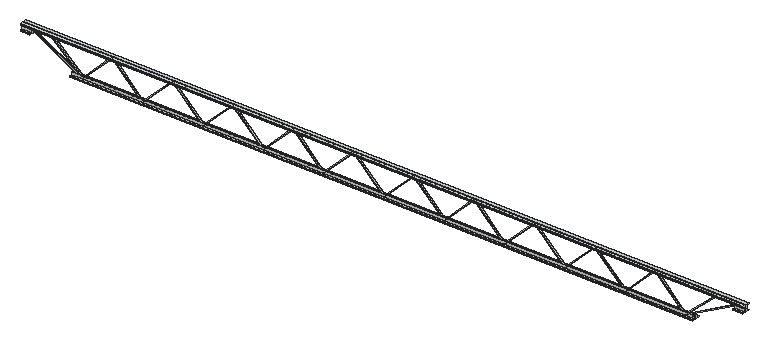
Revit family
Parameters (values of type "12K1")
  시작 간격띄우기 [instance] = 0 mm
  M = 7.4
  웹 두께 = 9.5 mm
  좌석 길이 = 100 mm
  좌석 깊이 = 63.5 mm
  렌더링 재료 = none
  PanelArrayNum [instance] = PanelArrayLength / (2 * 깊이)  # 10
  PanelArrayLength [instance] = Length - (2 * 끝 패널)  # 6180 mm
  패널 [instance] = PanelArrayLength / PanelArrayNum  # 618 mm
  시작 확장 [instance] = 0 mm
  끝 패널 = 2 * 깊이  # 610 mm
  끝 간격띄우기 [instance] = 0 mm
  끝 확장 [instance] = 0 mm
  현재 다리 = 32 mm
  현재 두께 = 6.5 mm
  Assembly Code = ""
  Length [instance] = 7400 mm
  깊이 = 305 mm
Types (3, lengths in mm): name | M | PanelArrayNum | PanelArrayLength | 패널 | 끝 패널 | 깊이
  (no name) | 7.4 | 10 | 6180 | 618 | 610 | 305
  12K1 | 7.4 | 10 | 6180 | 618 | 610 | 305
  8K1 | 7.6 | 16 | 6588 | 411.75 | 406 | 203
Reference planes
  plane 1 "중심(앞/뒤)": y = 0
  plane 2: z = 0
  plane 3 "중심(왼쪽/오른쪽)": x = 4.61
  plane 4 "왼쪽 부재": x = -2027.39
  plane 5 "오른쪽 부재": x = 2036.61
  plane 6: y = 36.75
  plane 7: y = -36.75
  plane 8: z = 152.5
  plane 9: z = -152.5
  plane 10 "왼쪽": x = -3695.39
  plane 11 "기호를 왼쪽에 부착": x = -1976.59
  plane 12 "기호를 오른쪽에 부착": x = 1985.81
  plane 13 "오른쪽": x = 3704.61
  plane 14: z = 89
  plane 15: x = -3695.39
  plane 16: x = -3595.39
  plane 17: x = -3085.39
  plane 18: x = -3185.39
  plane 19: x = 3704.61
  plane 20: x = 3604.61
  plane 21: x = 3094.61
  plane 22: y = 4.75
  plane 23: y = -4.75
  plane 24: z = 120.5
  plane 25: z = -120.5
  plane 26: x = 3194.61
  plane 27: x = -3394.39
  plane 28: x = -2776.39
  plane 29: x = 2785.61
  plane 30: x = 3403.61
  plane 31: z = -146.15
  plane 32: z = 146.15
  plane 33: x = -3695.39
  plane 34: x = 3704.61
Forms (mm)
  Extrusion 1, solid, material <- "렌더링 재료", detail levels medium+fine
    sketch origin (4.61, 0, 0) x (0, 1, 0) y (0, 0, 1)
      loop
        line (36.75, 152.5) -> (4.75, 152.5) -> (4.75, 120.5) -> (11.25, 120.5) -> (11.25, 146) -> (36.75, 146) -> (36.75, 152.5)
      loop
        line (-36.75, 152.5) -> (-36.75, 146) -> (-11.25, 146) -> (-11.25, 120.5) -> (-4.75, 120.5) -> (-4.75, 152.5) -> (-36.75, 152.5)
    from -3700 to 3700
  Extrusion 2, solid, material <- "렌더링 재료", detail levels medium+fine
    sketch origin (4.61, 0, 0) x (0, 1, 0) y (0, 0, 1)
      loop
        line (4.75, -120.5) -> (4.75, -152.5) -> (36.75, -152.5) -> (36.75, -146) -> (11.25, -146) -> (11.25, -120.5) -> (4.75, -120.5)
      loop
        line (-4.75, -120.5) -> (-11.25, -120.5) -> (-11.25, -146) -> (-36.75, -146) -> (-36.75, -152.5) -> (-4.75, -152.5) -> (-4.75, -120.5)
    from -3190 to 3190
  Extrusion 3, solid, material <- "렌더링 재료", detail levels medium+fine
    sketch origin (4.61, 0, 0) x (0, 1, 0) y (0, 0, 1)
      loop
        line (36.75, 89) -> (36.75, 95.5) -> (11.25, 95.5) -> (11.25, 120.5) -> (4.75, 120.5) -> (4.75, 89) -> (36.75, 89)
      loop
        line (-36.75, 89) -> (-4.75, 89) -> (-4.75, 120.5) -> (-11.25, 120.5) -> (-11.25, 95.5) -> (-36.75, 95.5) -> (-36.75, 89)
    from 3600 to 3700
  Extrusion 4, solid, material <- "렌더링 재료", detail levels medium+fine
    sketch origin (4.61, 0, 0) x (0, 1, 0) y (0, 0, 1)
      loop
        line (-36.75, 89) -> (-4.75, 89) -> (-4.75, 120.5) -> (-11.25, 120.5) -> (-11.25, 95.5) -> (-36.75, 95.5) -> (-36.75, 89)
      loop
        line (4.75, 89) -> (36.75, 89) -> (36.75, 95.5) -> (11.25, 95.5) -> (11.25, 120.5) -> (4.75, 120.5) -> (4.75, 89)
    from -3700 to -3600
  Sweep 5, solid, material <- "렌더링 재료", detail levels fine
    path origin (0, 0, 0) x (1, 0, 0) y (0, 0, 1)
      loop
        line (-3414.347, 133.45) -> (-3401.647, 133.45) -> (-3085.39, -146.15)
    profile origin (-3407.997, 0, 133.45) x (0, 0, 1) y (0, -1, 0)
      loop
        line (4.75, -4.75) -> (4.75, 4.75) -> (-4.75, 4.75) -> (-4.75, -4.75) -> (4.75, -4.75)
  Sweep 6, solid, material <- "렌더링 재료", detail levels fine
    path origin (0, 0, 0) x (1, 0, 0) y (0, 0, 1)
      loop
        line (-3085.39, -146.15) -> (-3595.39, 120.5) -> (-3695.39, 120.5)
    profile origin (-3645.39, 0, 120.5) x (0, 0, -1) y (0, -1, 0)
      loop
        line (-4.75, -4.75) -> (4.75, -4.75) -> (4.75, 4.75) -> (-4.75, 4.75) -> (-4.75, -4.75)
  Sweep 7, solid, material <- "렌더링 재료", detail levels fine
    path origin (0, 0, 0) x (1, 0, 0) y (0, 0, 1)
      loop
        line (3418.124, 146.15) -> (3094.61, -146.15)
    profile "웹-프로파일1 : 웹-프로파일1" origin (3256.367, 0, 0) x (0.670404, 0, -0.741996) y (0, -1, 0)
      loop
        line (-4.75, 4.75) -> (-4.75, -4.75) -> (4.75, -4.75) -> (4.75, 4.75) -> (-4.75, 4.75)
  Sweep 8, solid, material <- "렌더링 재료", detail levels fine
    path origin (0, 0, 0) x (1, 0, 0) y (0, 0, 1)
      loop
        line (3604.61, 120.5) -> (3094.61, -146.15)
    profile "웹-프로파일1 : 웹-프로파일1" origin (3349.61, 0, -12.825) x (0.463335, 0, -0.886183) y (0, -1, 0)
      loop
        line (-4.75, 4.75) -> (-4.75, -4.75) -> (4.75, -4.75) -> (4.75, 4.75) -> (-4.75, 4.75)
Lines and regions (mm)
  symbolic lines, style "StructuralFraming", detail levels coarse
    curve 1: line (0, 36.75, 152.5) -> (0, 4.75, 152.5)
    curve 2: line (0, -36.75, -152.5) -> (0, -4.75, -152.5)
    curve 14: line (0, 4.75, -152.5) -> (0, 36.75, -152.5)
    curve 15: line (4.61, 4.75, -152.5) -> (4.61, 4.75, -120.5)
    curve 16: line (4.61, -4.75, -152.5) -> (4.61, -4.75, -120.5)
    curve 17: line (4.61, -4.75, 152.5) -> (4.61, -4.75, 120.5)
    curve 18: line (4.61, 4.75, 152.5) -> (4.61, 4.75, 120.5)
    curve 19: line (0, -4.75, 152.5) -> (0, -36.75, 152.5)
  symbolic lines, style "StructuralFraming", detail levels coarse+medium
    curve 3: line (0, 0, -152.5) -> (0, 0, 152.5)
  reference lines
    curve 4: line (-1876.59, 0, -276.008) -> (-1876.59, 0, 232.192)
    curve 5: line (-1266.59, 0, -282.358) -> (-1266.59, 0, 232.192)
    curve 7: line (1885.81, 0, -223.088) -> (1885.81, 0, 234.312)
    curve 8: line (1275.81, 0, -350.088) -> (1275.81, 0, 234.312)
  model lines, style "웹 조이스트", detail levels coarse
    curve 6: line (-1876.59, 0, 152.5) -> (-1266.59, 0, -152.5)
    curve 9: line (1885.81, 0, 152.5) -> (1275.81, 0, -152.5)
    curve 10: line (1275.81, 0, -152.5) -> (-1266.59, 0, -152.5)
    curve 11: line (1985.81, 0, 152.5) -> (-1976.59, 0, 152.5)
  model lines, style "StructuralFraming", detail levels medium
    curve 12: line (-3085.39, 0, -146.15) -> (-3386.999, 0, 120.5)
    curve 13: line (3389.735, 0, 120.5) -> (3094.61, 0, -146.15)
  model lines, detail levels medium
    curve 20: line (3604.61, 0, 120.5) -> (3094.61, 0, -146.15)
    curve 21: line (-3595.39, 0, 120.5) -> (-3085.39, 0, -146.15)
Dimensions and locks
  equal spacing: plane 9, plane 2, plane 8
  "Length": plane 10 "왼쪽" to plane 13 "오른쪽"
  equal spacing: plane 10 "왼쪽", plane 3 "중심(왼쪽/오른쪽)", plane 13 "오른쪽"
  "좌석 길이": curve 4 to plane 11 "기호를 왼쪽에 부착"
  "끝 패널": curve 5 to curve 4
  "좌석 길이": curve 7 to plane 12 "기호를 오른쪽에 부착"
  "끝 패널": curve 7 to curve 8
  "깊이": plane 9 to plane 8
  "좌석 깊이": plane 8 to plane 14
  locked: plane 18 to plane 17 at 100
  "끝 패널": plane 10 "왼쪽" to plane 17
  "끝 패널": plane 13 "오른쪽" to plane 21
  "웹 두께": plane 22 to plane 23
  equal spacing: plane 22, plane 1 "중심(앞/뒤)", plane 23
  "현재 다리": plane 23 to plane 7
  "현재 다리": plane 6 to plane 22
  "현재 다리": plane 9 to plane 25
  "현재 다리": plane 24 to plane 8
  "현재 두께": plane 8 to Extrusion 1 sketch curve
  "현재 두께": Extrusion 1 sketch curve to plane 8
  "현재 두께": plane 23 to Extrusion 1 sketch curve
  "현재 두께": Extrusion 1 sketch curve to plane 22
  "현재 두께": plane 9 to Extrusion 2 sketch curve  (x2)
  "현재 두께": Extrusion 2 sketch curve to plane 22
  "현재 두께": plane 23 to Extrusion 2 sketch curve
  locked: plane 21 to plane 26 at 100
  "현재 두께": plane 14 to Extrusion 3 sketch curve  (x2)
  "현재 두께": plane 23 to Extrusion 3 sketch curve
  "현재 두께": Extrusion 3 sketch curve to plane 22
  "현재 두께": plane 14 to Extrusion 4 sketch curve  (x2)
  "현재 두께": Extrusion 4 sketch curve to plane 22
  "현재 두께": plane 23 to Extrusion 4 sketch curve
  "패널": plane 28 to plane 27
  equal spacing: plane 28, plane 17, plane 27
  "패널": plane 29 to plane 30
  equal spacing: plane 29, plane 21, plane 30
  equal spacing: Sweep 5 sketch curve, curve 4, Sweep 5 sketch curve
  "웹 두께": Sweep 5 sketch curve to Sweep 5 sketch curve  (x2)
  equal spacing: Sweep 5 sketch curve, profile plane, Sweep 5 sketch curve
  locked: plane 31 to plane 9 at 6.35
  locked: plane 8 to plane 32 at 6.35
  locked: plane 8 to Sweep 5 sketch curve at 19.05
  "웹 두께": Sweep 6 sketch curve to Sweep 6 sketch curve
  equal spacing: Sweep 6 sketch curve, plane 24, Sweep 6 sketch curve
  equal spacing: group 1, group 3, group 4, group 5, group 6, group 7, group 8, group 9, group 10, group 2  (x3)
  "시작 간격띄우기": plane 10 "왼쪽" to plane 33
  "좌석 길이": plane 33 to plane 16
  "시작 확장": plane 15 to plane 33
  "끝 간격띄우기": plane 13 "오른쪽" to plane 34
  "좌석 길이": plane 34 to plane 20
  "끝 확장": plane 19 to plane 34
  aligned and locked: curve 10 to plane 9
  aligned and locked: curve 4 to curve 6
  aligned and locked: plane 11 "기호를 왼쪽에 부착" to curve 11
  aligned and locked: plane 12 "기호를 오른쪽에 부착" to curve 11
  aligned and locked: curve 5 to curve 10
  aligned and locked: curve 8 to curve 10
  aligned and locked: plane 8 to Extrusion 1 sketch curve
  aligned and locked: Extrusion 1 sketch curve to plane 8
  aligned and locked: plane 6 to Extrusion 1 sketch curve
  aligned and locked: plane 7 to Extrusion 1 sketch curve
  aligned and locked: Extrusion 1 sketch curve to plane 24
  aligned and locked: plane 24 to Extrusion 1 sketch curve
  aligned and locked: plane 19 to Extrusion 1
  aligned and locked: plane 15 to Extrusion 1
  aligned and locked: plane 9 to Extrusion 2 sketch curve
  aligned and locked: Extrusion 2 sketch curve to plane 9
  aligned and locked: plane 6 to Extrusion 2 sketch curve
  aligned and locked: plane 7 to Extrusion 2 sketch curve
  aligned and locked: Extrusion 2 sketch curve to plane 22
  aligned and locked: Extrusion 2 sketch curve to plane 23
  aligned and locked: Extrusion 2 sketch curve to plane 25
  aligned and locked: plane 25 to Extrusion 2 sketch curve
  aligned and locked: Extrusion 2 to plane 26
  aligned and locked: plane 18 to Extrusion 2
  aligned and locked: Extrusion 3 sketch curve to plane 7
  aligned and locked: plane 14 to Extrusion 3 sketch curve
  aligned and locked: Extrusion 3 sketch curve to plane 14
  aligned and locked: Extrusion 3 sketch curve to plane 6
  aligned and locked: Extrusion 3 sketch curve to plane 23
  aligned and locked: Extrusion 3 sketch curve to plane 22
  aligned and locked: Extrusion 3 sketch curve to plane 24
  aligned and locked: plane 24 to Extrusion 3 sketch curve
  aligned and locked: plane 19 to Extrusion 3
  aligned and locked: Extrusion 3 to plane 20
  aligned and locked: plane 6 to Extrusion 4 sketch curve
  aligned and locked: Extrusion 4 sketch curve to plane 7
  aligned and locked: Extrusion 4 sketch curve to plane 22
  aligned and locked: plane 23 to Extrusion 4 sketch curve
  aligned and locked: plane 24 to Extrusion 4 sketch curve  (x2)
  aligned and locked: Extrusion 4 sketch curve to plane 14  (x2)
  aligned and locked: plane 15 to Extrusion 4
  aligned and locked: plane 16 to Extrusion 4
  aligned and locked: curve 12 to Sweep 5 sketch curve
  aligned and locked: Sweep 6 sketch curve to plane 22
  aligned and locked: plane 23 to Sweep 6 sketch curve
  aligned and locked: Sweep 7 sketch curve to curve 13
  aligned and locked: plane 1 "중심(앞/뒤)" to nested 1
  aligned and locked: nested 1 to plane 17
  aligned and locked: Extrusion 2 to curve 15
  aligned and locked: curve 15 to Extrusion 2
  aligned and locked: curve 2 to curve 16
  aligned and locked: curve 16 to Extrusion 2
  aligned and locked: Extrusion 1 to curve 17
  aligned and locked: curve 17 to Extrusion 1
  aligned and locked: curve 18 to Extrusion 1  (x2)
  aligned and locked: curve 1 to Extrusion 1
  aligned and locked: nested 2 to plane 21
  aligned and locked: curve 7 to curve 9
  aligned and locked: Sweep 8 sketch curve to curve 20
  aligned and locked: Extrusion 4 to curve 21
  aligned and locked: plane 16 to curve 21
  aligned and locked: plane 17 to curve 21
  aligned and locked: Sweep 6 sketch curve to curve 21
  aligned and locked: Sweep 6 sketch curve to Extrusion 1
Automatic sketch dimensions
  plane 9 to curve 7 = 70.588 mm
  plane 9 to curve 4 = 123.508 mm
  plane 9 to curve 5 = 129.858 mm
  plane 9 to curve 8 = 197.588 mm
  curve 4 to plane 8 = 79.692 mm
  curve 5 to plane 8 = 79.692 mm
  curve 7 to plane 8 = 81.812 mm
  curve 8 to plane 8 = 81.812 mm
  Extrusion 1 sketch curve to plane 23 = 0 mm
  Extrusion 1 sketch curve to plane 22 = 0 mm
  Sweep 5 sketch curve to plane 17 = 0 mm
  Sweep 5 sketch curve to plane 31 = 0 mm
  Sweep 5 sketch curve to plane 27 = 7.257 mm
  Sweep 5 sketch curve to Sweep 5 sketch curve = 12.7 mm
  Sweep 7 sketch curve to plane 21 = 0 mm
  Sweep 7 sketch curve to plane 32 = 0 mm
  Sweep 7 sketch curve to plane 31 = 0 mm
  Sweep 7 sketch curve to plane 30 = 14.514 mm
  curve 19 to plane 7 = 0 mm  (x2)
  curve 2 to plane 7 = 0 mm
  curve 2 to plane 9 = 0 mm
  curve 2 to plane 23 = 0 mm
  curve 3 to plane 1 "중심(앞/뒤)" = 0 mm
  curve 1 to plane 6 = 0 mm  (x2)
  curve 3 to plane 9 = 0 mm
  curve 15 to plane 25 = 0 mm
  curve 16 to plane 25 = 0 mm
  curve 18 to plane 24 = 0 mm
  curve 17 to plane 24 = 0 mm
  curve 19 to plane 8 = 0 mm  (x2)
  curve 1 to plane 8 = 0 mm
  curve 3 to plane 8 = 0 mm
  curve 14 to plane 6 = 0 mm
  curve 14 to plane 9 = 0 mm
  curve 14 to plane 22 = 0 mm
  curve 1 to plane 22 = 0 mm
  curve 19 to plane 23 = 0 mm
  Sweep 8 sketch curve to plane 21 = 0 mm
  Sweep 8 sketch curve to plane 24 = 0 mm
  curve 12 to plane 24 = 0 mm
  curve 20 to plane 21 = 0 mm
  curve 13 to plane 24 = 0 mm
  curve 20 to plane 20 = 0 mm
  curve 21 to plane 31 = 0 mm
  curve 20 to plane 24 = 0 mm
  curve 9 to plane 8 = 0 mm
  Sweep 6 sketch curve to plane 33 = 0 mm
  Sweep 6 sketch curve to plane 17 = 0 mm
Nested families
  nested 1: "로드 웹" at (-3085.39, 0, 0), type "로드 웹"
  nested 2: "로드 웹" at (2476.61, 0, 0), type "로드 웹"
  nested 3: "로드 웹" at (-2467.39, 0, 0), type "로드 웹"
  nested 4: "로드 웹" at (-1849.39, 0, 0), type "로드 웹"
  nested 5: "로드 웹" at (-1231.39, 0, 0), type "로드 웹"
  nested 6: "로드 웹" at (-613.39, 0, 0), type "로드 웹"
  nested 7: "로드 웹" at (4.61, 0, 0), type "로드 웹"
  nested 8: "로드 웹" at (622.61, 0, 0), type "로드 웹"
  nested 9: "로드 웹" at (1240.61, 0, 0), type "로드 웹"
  nested 10: "로드 웹" at (1858.61, 0, 0), type "로드 웹"
Definition of nested family "로드 웹"
  Parameters (values of type "로드 웹")
    웹 재료 = none
    웹 두께 = 9.5 mm
    PanelHeight = 305 mm
    PanelWidth = LinkLength / PanelNum  # 618 mm
    LinkLength = 6180 mm
    PanelNum = LinkLength / (2 * PanelHeight)  # 10
    Assembly Code = ""
  Reference planes
    plane 1 "중심(앞/뒤)": y = 0
    plane 2: z = 0
    plane 3 "중심(왼쪽/오른쪽)": x = 0
    plane 4: x = 618
    plane 5: x = 309
    plane 6: z = -152.5
    plane 7: z = -146.15
    plane 8: z = 146.15
    plane 9: z = 152.5
  Forms (mm)
    Sweep 1, solid, material <- "웹 재료", detail levels fine
      path in 3D
        loop
          line (0, 0, -146.15) -> (3.175, 0, -146.15) -> (305.825, 0, 146.15) -> (312.175, 0, 146.15) -> (614.825, 0, -146.15) -> (618, 0, -146.15)
      profile origin (309, 0, 0) x (0, 0, 1) y (0, -1, 0)
        loop
          line (150.9, -4.75) -> (150.9, 4.75) -> (141.4, 4.75) -> (141.4, -4.75) -> (150.9, -4.75)
  Lines and regions (mm)
    model lines, style "InvisibleLines"
      curve 1: line (0, 0, -152.5) -> (0, 0, 152.5)
      curve 2: line (0, 0, 152.5) -> (618, 0, 152.5)
      curve 3: line (618, 0, 152.5) -> (618, 0, -152.5)
      curve 4: line (618, 0, -152.5) -> (0, 0, -152.5)
    model lines, style "StructuralFraming", detail levels medium
      curve 5: line (305.825, 0, 146.15) -> (312.175, 0, 146.15)
      curve 6: line (0, 0, -146.15) -> (3.175, 0, -146.15)
      curve 7: line (618, 0, -146.15) -> (614.825, 0, -146.15)
      curve 8: line (3.175, 0, -146.15) -> (305.825, 0, 146.15)
      curve 9: line (312.175, 0, 146.15) -> (614.825, 0, -146.15)
    sketch lines
      curve 10: line (305.825, 0, 146.15) -> (312.175, 0, 146.15)
      curve 11: line (3.175, 0, -146.15) -> (305.825, 0, 146.15)
      curve 12: line (312.175, 0, 146.15) -> (614.825, 0, -146.15)
      curve 13: line (0, 0, -146.15) -> (3.175, 0, -146.15)
      curve 14: line (618, 0, -146.15) -> (614.825, 0, -146.15)
  Dimensions and locks
    "PanelWidth": plane 4 to plane 3 "중심(왼쪽/오른쪽)"
    equal spacing: plane 4, plane 5, plane 3 "중심(왼쪽/오른쪽)"
    locked: plane 7 to plane 6 at 6.35
    curve 5 to plane 5 to curve 5 = 3.175 mm locked, 3.175 mm locked
    locked: curve 6 to plane 3 "중심(왼쪽/오른쪽)" at 3.175
    curve 7 to plane 4 = 3.175 mm
    equal spacing: Sweep 1 sketch curve, plane 1 "중심(앞/뒤)", Sweep 1 sketch curve
    "웹 두께": Sweep 1 sketch curve to Sweep 1 sketch curve  (x2)
    equal spacing: Sweep 1 sketch curve, plane 8, Sweep 1 sketch curve
    locked: plane 9 to plane 8 at 6.35
    "PanelHeight": plane 9 to plane 6
    equal spacing: plane 9, plane 2, plane 6
    aligned and locked: plane 8 to curve 5
    aligned and locked: curve 7 to plane 7
    aligned and locked: plane 7 to curve 6
    aligned and locked: plane 9 to curve 2
  Automatic sketch dimensions
    curve 1 to plane 3 "중심(왼쪽/오른쪽)" = 0 mm
    curve 3 to plane 4 = 0 mm
    curve 4 to plane 6 = 0 mm
